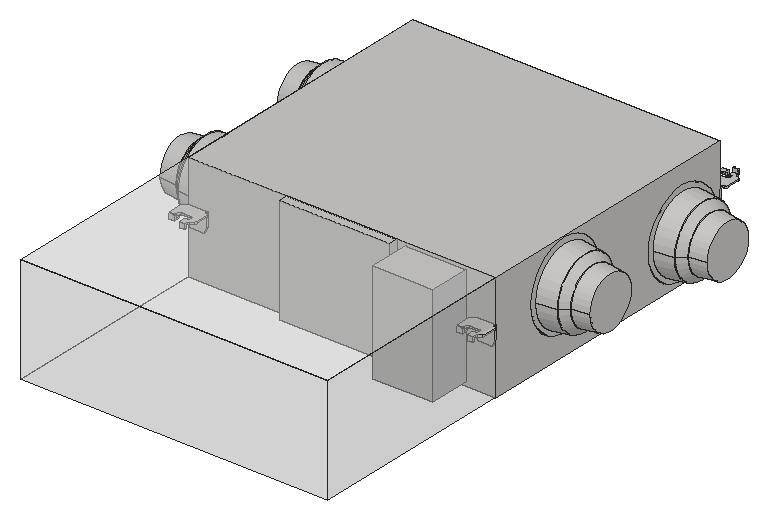
Revit family "outputfile", category 機械設備, Revit 2024
Family settings
  丸型コネクタ寸法 = 半径を使用
  パーツ タイプ = 標準
  OmniClass 番号 = 23.75.10.34.21
  OmniClass タイトル = Heat Exchangers for Ventilation Air
  作業面ベース = いいえ
  常に垂直 = はい
  ロード時にボイドで切り取り = いいえ
  注釈の向きを維持 = いいえ
  共有 = いいえ
  部屋計算ポイント = はい
Parameters (values of type "VAM350HVE")
  Description = ""
  製造元 = "Daikin"
  書き出し IFC クラス(タイプ) = "IfcAirToAirHeatRecoveryType"
  定義済み IFC タイプ(タイプ) = "ROTARYWHEEL"
  Cost = 0
  モデル = "VAM350HVE"
  Type Comments = ""
  Keynote = ""
  Type Image = (empty or 0)
  Assembly Code = ""
  w_maintenacecover = 314.0 mm
  r3_airconnection_top = 73.0 mm
  r2_airconnection_top = 79.2 mm
  r1_airconnection_top = 100.0 mm
  r1_airconnection_bottom = 107.1 mm
  r0_airconnection = 121.0 mm
  lw_powersuply = 172.0 mm
  Voltage_comment_60Hz = "220-240"
  Voltage_comment_50Hz = "220-240"
  Voltage_60Hz = 220 V
  Voltage_50Hz = 220 V
  URL = ""
  Phase_60Hz = 1
  Phase_50Hz = 1
  Minimum External Static Pressure = 90.00 Pa
  Minimum Circuit Amps_60Hz = 1.33 A
  Minimum Circuit Amps_50Hz = 1.33 A
  Maximum Fuse Amps_60Hz = 15.0 A
  Maximum Fuse Amps_50Hz = 15.0 A
  Maximum External Static Pressure = 185.00 Pa
  Material_Casing = DAIKIN_GalvanizedSteel_Casing_indoorunit
  lw_mountinghole_Left = 411.5 mm
  lw_mountinghole = 823.0 mm
  w_controlbox_right = 86.5 mm
  w_controlbox = 171.0 mm
  r_SAduct = SA Duct Size Diameter / 2  # 75.0 mm
  r_RAduct = RA Duct Size Diameter / 2  # 75.0 mm
  r_OAduct = OA Duct Size Diameter / 2  # 75.0 mm
  r_EAduct = EA Duct Size Diameter / 2  # 75.0 mm
  lh_powersuply = 153.3 mm
  lh_mounting = lh_mountinghole + [h***]  # 187.0 mm
  h_controlbox_top = 8.5 mm
  lh_antena = Height - lh_mountinghole + 1.0 mm  # 120.0 mm
  lh_SA = 183.0 mm
  lh_RA = 132.0 mm
  lh_OA = 183.0 mm
  lh_EA = 183.0 mm
  ld_SA = 244.0 mm
  ld_RA = 137.0 mm
  ld_OA = 137.0 mm
  ld_EA = 244.0 mm
  lh_mountinghole = 187.0 mm
  h_controlbox = 288.5 mm
  h*** = 0.0 mm  # constant formula
  d_total_airconnection = d1_airconnection + d2_airconnection + d3_airconnection  # 132.0 mm
  d_maintenacecover = 26.0 mm
  ld_mountinghole = 900.0 mm
  d_controlbox = 117.0 mm
  d3_airconnection = 50.5 mm
  d2_airconnection = 21.5 mm
  d1_airconnection = 60.0 mm
  d0_airconnection = 1.8 mm
  Width = 879.0 mm
  Version = "ver.1.0"
  Unit Type = "Heat Recovery Ventilator"
  Unit Mass Weight = 31.00 kg
  Unit Designation [instance] = ""
  Uniclass2015Version = "Products v1.30"
  Uniclass2015Title = "Thermal wheels"
  Uniclass2015Code = "Pr_60_60_36_88"
  Temperature exchange efficiency (Heating) = 79.50%
  Temperature exchange efficiency (Cooling) = 65.00%
  Supply Air Direction [instance] = yes
  Sound Pressure Level_M speed (dBA) = 30
  Sound Pressure Level_L speed (dBA) = 26.5
  Sound Pressure Level_H speed (dBA) = 32
  Series = "VRV Fan Coil Unit"
  SA Duct Size Diameter = 150.0 mm
  Refrigerant Type = ""
  RA Duct Size Diameter = 150.0 mm
  Option Accessory 3 [instance] = ""
  Option Accessory 2 [instance] = ""
  Option Accessory 1 [instance] = ""
  OA Duct Size Diameter = 150.0 mm
  Nominal Airflow = 350.00 m³/h
  Minimum Airflow = 100.00 m³/h
  Median Airflow = 0.00 m³/h
  Maximum Airflow = 600.00 m³/h
  Load Classification = HVAC
  Link_Nested Family [instance] = ""
  IfcVersion = "0"
  IfcExportType = "ROTARYWHEEL"
  IfcExportAs = "IfcAirToAirHeatRecoveryType"
  Height = 306.0 mm
  Heating Entering Wet Bulb Temperature [instance] = 0.00 °C
  Heating Entering Dry Bulb Temperature [instance] = 0.00 °C
  Heating Ambient Wet Bulb Temperature [instance] = 0.00 °C
  Heating Ambient Dry Bulb Temperature [instance] = 0.00 °C
  Frequency_60Hz = 60 Hz
  Frequency_50Hz = 50 Hz
  Fan Type = "Sirocco Fan"
  Fan Drive = "Direct Drive"
  FCU Tag No. [instance] = ""
  Enthalpy exchange efficiency (Heating) = 72.00%
  Enthalpy exchange efficiency (Cooling) = 62.50%
  EA Duct Size Diameter = 150.0 mm
  Design Supply Airflow [instance] = 0.00 m³/h
  Design Return Airflow [instance] = 0.00 m³/h
  Design Outdoor Airflow [instance] = 0.00 m³/h
  Design External Static Pressure [instance] = 0.00 Pa
  Design Exhaust Airflow [instance] = 0.00 m³/h
  Depth = 800.0 mm
  既定の高さ = 0.0 mm
  Cooling Entering Wet Bulb Temperature [instance] = 0.00 °C
  Cooling Entering Dry Bulb Temperature [instance] = 0.00 °C
  Cooling Ambient Wet Bulb Temperature [instance] = 0.00 °C
  Cooling Ambient Dry Bulb Temperature [instance] = 0.00 °C
  Clearance visibility [instance] = yes
  Clearance Top = 0.0 mm
  Clearance Right = 0.0 mm
  Clearance Rear = 0.0 mm
  Clearance Left = 0.0 mm
  Clearance Front = 600.0 mm
  Clearance Bottom = 0.0 mm
Reference planes
  plane 1 "Center (Front/Back)": y = 0
  plane 2: z = 0
  plane 3 "Center (Left/Right)": x = 0
  plane 4 "Back": y = 400
  plane 5 "Front": y = -400
  plane 6 "Left": x = -439.5
  plane 7 "Right": x = 439.5
  plane 8 "Top": z = 0
  plane 9 "mountinghole_Left": x = -411.5
  plane 10 "mountinghole_Right": x = 411.5
  plane 11 "mountinghole_Back": y = 450
  plane 12 "mountinghole_Front": y = -450
  plane 13 "Center (Elevation)": z = -153
  plane 14 "h_mountinghole": z = -119
  plane 15 "w_maintenacecover_left": x = -157
  plane 16 "w_maintenacecover_right": x = 157
  plane 17 "Clearance Front": y = -1000
  plane 18 "Clearance Left": x = -439.5
  plane 19 "Clearance Right": x = 439.5
  plane 20 "Clearance Rear": y = 400
  plane 21 "Clearance Top": z = 0
  plane 22 "Clearance Bottom": z = -306
  plane 23 "d_maintenacecover": y = -426
  plane 24 "d_controlbox": y = -517
  plane 25 "w_controlbox_left": x = 182
  plane 26 "w_controlbox_right": x = 353
  plane 27 "Bottom": z = -306
  plane 28 "h_controlbox_top": z = -8.5
  plane 29 "h_controlbox_bottom": z = -297
  plane 30 "lh_OA": z = -123
  plane 31 "lh_EA": z = -123
  plane 32 "lh_SA": z = -123
  plane 33 "lh_RA": z = -174
  plane 34 "ld_EA": y = 156
  plane 35 "ld_OA": y = -263
  plane 36 "ld_RA": y = 263
  plane 37 "ld_SA": y = -156
  plane 38 "lw_powersuply": x = 267.5
  plane 39: z = 59.955
  plane 40 "lh_powersuply": z = -152.7
Forms (mm)
  Extrusion 1, solid, material "DAIKIN_GalvanizedSteel_Casing_indoorunit" <- "Material_Casing"
    sketch origin (0, 0, 200) x (1, 0, 0) y (0, 1, 0)
      loop
        line (-439.5, 400) -> (-439.5, -400) -> (439.5, -400) -> (439.5, 400) -> (-439.5, 400)
    from -506 to -200
  Extrusion 2, solid, material "DAIKIN_GalvanizedSteel_Casing_indoorunit" <- "Material_Casing"
    sketch origin (0, 0, 0) x (1, 0, 0) y (0, 1, 0)
      loop
        line (-157, -400) -> (-157, -426) -> (157, -426) -> (157, -400) -> (-157, -400)
    from -306 to 0
  Extrusion 3, solid, material "DAIKIN_GalvanizedSteel_Casing_indoorunit" <- "Material_Casing"
    sketch origin (0, 0, 0) x (1, 0, 0) y (0, 1, 0)
      loop
        line (182, -400) -> (182, -517) -> (353, -517) -> (353, -400) -> (182, -400)
    from -297 to -8.5
Dimensions and locks
  equal spacing: plane 6 "Left", plane 3 "Center (Left/Right)", plane 7 "Right"
  "Width": plane 6 "Left" to plane 7 "Right"
  equal spacing: plane 4 "Back", plane 1 "Center (Front/Back)", plane 5 "Front"
  "Depth": plane 4 "Back" to plane 5 "Front"
  "lw_mountinghole": plane 9 "mountinghole_Left" to plane 10 "mountinghole_Right"
  equal spacing: plane 11 "mountinghole_Back", plane 1 "Center (Front/Back)", plane 12 "mountinghole_Front"
  "ld_mountinghole": plane 11 "mountinghole_Back" to plane 12 "mountinghole_Front"
  "Clearance Front": plane 5 "Front" to plane 17 "Clearance Front"
  "Clearance Left": plane 18 "Clearance Left" to plane 6 "Left"
  "Clearance Right": plane 7 "Right" to plane 19 "Clearance Right"
  "Clearance Rear": plane 4 "Back" to plane 20 "Clearance Rear"
  "w_controlbox_right": plane 26 "w_controlbox_right" to plane 7 "Right"
  "w_controlbox": plane 25 "w_controlbox_left" to plane 26 "w_controlbox_right"
  equal spacing: plane 15 "w_maintenacecover_left", plane 3 "Center (Left/Right)", plane 16 "w_maintenacecover_right"
  "w_maintenacecover": plane 15 "w_maintenacecover_left" to plane 16 "w_maintenacecover_right"
  "lh_mountinghole": plane 14 "h_mountinghole" to plane 27 "Bottom"
  "Height": plane 8 "Top" to plane 27 "Bottom"
  equal spacing: plane 8 "Top", plane 13 "Center (Elevation)", plane 27 "Bottom"
  "Clearance Top": plane 21 "Clearance Top" to plane 8 "Top"
  "Clearance Bottom": plane 27 "Bottom" to plane 22 "Clearance Bottom"
  "h_controlbox": plane 28 "h_controlbox_top" to plane 29 "h_controlbox_bottom"
  "d_controlbox": plane 5 "Front" to plane 24 "d_controlbox"
  "d_maintenacecover": plane 5 "Front" to plane 23 "d_maintenacecover"
  "lh_SA": plane 32 "lh_SA" to plane 27 "Bottom"
  "lh_RA": plane 33 "lh_RA" to plane 27 "Bottom"
  "ld_OA": plane 35 "ld_OA" to plane 5 "Front"
  "ld_EA": plane 4 "Back" to plane 34 "ld_EA"
  "ld_RA": plane 4 "Back" to plane 36 "ld_RA"
  "ld_SA": plane 37 "ld_SA" to plane 5 "Front"
  "lh_EA": plane 31 "lh_EA" to plane 27 "Bottom"
  "lh_OA": plane 30 "lh_OA" to plane 27 "Bottom"
  "h_controlbox_top": plane 8 "Top" to plane 28 "h_controlbox_top"
  "lw_mountinghole_Left": plane 9 "mountinghole_Left" to plane 3 "Center (Left/Right)"
  plane 3 "Center (Left/Right)" to plane 10 "mountinghole_Right" = 411.5 mm
  "lw_powersuply": plane 38 "lw_powersuply" to plane 7 "Right"
  "lh_powersuply": plane 40 "lh_powersuply" to plane 27 "Bottom"
  aligned and locked: level to plane 2
  aligned and locked: Extrusion 1 sketch curve to plane 4 "Back"
  aligned and locked: plane 6 "Left" to Extrusion 1 sketch curve
  aligned and locked: plane 5 "Front" to Extrusion 1 sketch curve
  aligned and locked: Extrusion 1 sketch curve to plane 7 "Right"
  aligned and locked: plane 8 "Top" to Extrusion 1
  aligned and locked: nested 1 to plane 10 "mountinghole_Right"
  aligned and locked: nested 1 to plane 5 "Front"
  aligned and locked: plane 9 "mountinghole_Left" to nested 2
  aligned and locked: nested 2 to plane 5 "Front"
  aligned and locked: plane 4 "Back" to nested 3
  aligned and locked: plane 10 "mountinghole_Right" to nested 3
  aligned and locked: nested 4 to plane 9 "mountinghole_Left"
  aligned and locked: plane 4 "Back" to nested 4
  aligned and locked: nested 6 to plane 10 "mountinghole_Right"
  aligned and locked: nested 6 to plane 11 "mountinghole_Back"
  aligned and locked: plane 9 "mountinghole_Left" to nested 7
  aligned and locked: nested 7 to plane 11 "mountinghole_Back"
  aligned and locked: nested 8 to plane 9 "mountinghole_Left"
  aligned and locked: plane 12 "mountinghole_Front" to nested 8
  aligned and locked: plane 12 "mountinghole_Front" to nested 9
  aligned and locked: nested 9 to plane 10 "mountinghole_Right"
  aligned and locked: plane 14 "h_mountinghole" to nested 3
  aligned and locked: plane 14 "h_mountinghole" to nested 1
  aligned and locked: plane 14 "h_mountinghole" to nested 4
  aligned and locked: plane 14 "h_mountinghole" to nested 2
  aligned and locked: nested 5 to plane 17 "Clearance Front"
  aligned and locked: nested 5 to plane 18 "Clearance Left"
  aligned and locked: nested 5 to plane 19 "Clearance Right"
  aligned and locked: nested 5 to plane 20 "Clearance Rear"
  aligned and locked: plane 22 "Clearance Bottom" to nested 5
  aligned and locked: plane 21 "Clearance Top" to nested 5
  aligned and locked: plane 27 "Bottom" to Extrusion 1
  aligned and locked: plane 23 "d_maintenacecover" to Extrusion 2 sketch curve
  aligned and locked: plane 16 "w_maintenacecover_right" to Extrusion 2 sketch curve
  aligned and locked: plane 15 "w_maintenacecover_left" to Extrusion 2 sketch curve
  aligned and locked: Extrusion 2 sketch curve to plane 5 "Front"
  aligned and locked: plane 8 "Top" to Extrusion 2
  aligned and locked: Extrusion 2 to plane 27 "Bottom"
  aligned and locked: plane 24 "d_controlbox" to Extrusion 3 sketch curve
  aligned and locked: plane 25 "w_controlbox_left" to Extrusion 3 sketch curve
  aligned and locked: Extrusion 3 sketch curve to plane 5 "Front"
  aligned and locked: Extrusion 3 sketch curve to plane 26 "w_controlbox_right"
  aligned and locked: plane 28 "h_controlbox_top" to Extrusion 3
  aligned and locked: plane 29 "h_controlbox_bottom" to Extrusion 3
  aligned and locked: nested 10 to plane 34 "ld_EA"
  aligned and locked: nested 10 to plane 6 "Left"
  aligned and locked: nested 11 to plane 35 "ld_OA"
  aligned and locked: nested 11 to plane 6 "Left"
  aligned and locked: plane 36 "ld_RA" to nested 12
  aligned and locked: plane 7 "Right" to nested 12
  aligned and locked: plane 37 "ld_SA" to nested 13
  aligned and locked: plane 7 "Right" to nested 13
  aligned and locked: plane 32 "lh_SA" to nested 13
  aligned and locked: plane 33 "lh_RA" to nested 12
  aligned and locked: plane 30 "lh_OA" to nested 11
  aligned and locked: plane 31 "lh_EA" to nested 10
  aligned and locked: plane 37 "ld_SA" to nested 15
  aligned and locked: plane 7 "Right" to nested 15
  aligned and locked: plane 36 "ld_RA" to nested 16
  aligned and locked: plane 7 "Right" to nested 16
  aligned and locked: nested 18 to plane 34 "ld_EA"
  aligned and locked: nested 17 to plane 35 "ld_OA"
  aligned and locked: nested 18 to plane 6 "Left"
  aligned and locked: nested 17 to plane 6 "Left"
  aligned and locked: plane 31 "lh_EA" to nested 17
  aligned and locked: nested 18 to plane 31 "lh_EA"
  aligned and locked: nested 16 to plane 33 "lh_RA"
  aligned and locked: nested 15 to plane 32 "lh_SA"
  aligned and locked: plane 37 "ld_SA" to nested 14
  aligned and locked: nested 19 to plane 38 "lw_powersuply"
  aligned and locked: nested 19 to plane 5 "Front"
  aligned and locked: plane 40 "lh_powersuply" to nested 19
  aligned and locked: level to plane 8 "Top"
Nested families
  nested 1: "daikin_hangerfixture_VAM-HVE_150-1000" at (411.5, -400, -119), type "daikin_hangerfixture_VAM-HVE_150-1000"
  nested 2: "daikin_hangerfixture_VAM-HVE_150-1000" at (-411.5, -400, -119), type "daikin_hangerfixture_VAM-HVE_150-1000"
  nested 3: "daikin_hangerfixture_VAM-HVE_150-1000" at (411.5, 400, -119) x (-1, 0, 0) z (0, 0, 1), type "daikin_hangerfixture_VAM-HVE_150-1000"
  nested 4: "daikin_hangerfixture_VAM-HVE_150-1000" at (-411.5, 400, -119) x (-1, 0, 0) z (0, 0, 1), type "daikin_hangerfixture_VAM-HVE_150-1000"
  nested 5: "daikin_clearancespace" at (0, -300, -152.881), visible <- "Clearance visibility", show <- "Clearance visibility", Link_Nested Family <- "Link_Nested Family", type "daikin_clearancespace"
    with width 879.0 mm, show yes, height 306.0 mm, depth 1400.0 mm, Link_Nested Family ""
  nested 6: "daikin_mountinghole" at (411.5, 450, -306), l_antenna <- "lh_antena", Link_Nested Family <- "Link_Nested Family", h_mountinghole <- "lh_mounting", type "daikin_mountinghole"
    with show yes, l_antenna 120.0 mm, h_mountinghole 187.0 mm, Link_Nested Family ""
  nested 7: "daikin_mountinghole" at (-411.5, 450, -306), l_antenna <- "lh_antena", Link_Nested Family <- "Link_Nested Family", h_mountinghole <- "lh_mounting", type "daikin_mountinghole"
    with show yes, l_antenna 120.0 mm, h_mountinghole 187.0 mm, Link_Nested Family ""
  nested 8: "daikin_mountinghole" at (-411.5, -450, -306), l_antenna <- "lh_antena", Link_Nested Family <- "Link_Nested Family", h_mountinghole <- "lh_mounting", type "daikin_mountinghole"
    with show yes, l_antenna 120.0 mm, h_mountinghole 187.0 mm, Link_Nested Family ""
  nested 9: "daikin_mountinghole" at (411.5, -450, -306), l_antenna <- "lh_antena", Link_Nested Family <- "Link_Nested Family", h_mountinghole <- "lh_mounting", type "daikin_mountinghole"
    with show yes, l_antenna 120.0 mm, h_mountinghole 187.0 mm, Link_Nested Family ""
  nested 10: "daikin_airconnection_VAM-HVE_150-1000" at (-439.5, 156, -123) x (0, -1, 0) z (0, 0, 1), d0 <- "d0_airconnection", d1 <- "d1_airconnection", d2 <- "d2_airconnection", d3 <- "d3_airconnection", r0 <- "r0_airconnection", r1_bottom <- "r1_airconnection_bottom", r1_top <- "r1_airconnection_top", r2_top <- "r2_airconnection_top", r3_top <- "r3_airconnection_top", type "daikin_airconnection_VAM-HVE_150-1000"
    with r3_top 73.0 mm, r3_bottom 79.2 mm, r2_top 79.2 mm, r2_bottom 100.0 mm, r1_top 100.0 mm, r1_bottom 107.1 mm, r0 121.0 mm, d_total 132.0 mm, d3 50.5 mm, d2 21.5 mm, d1 60.0 mm, d0 1.8 mm
  nested 11: "daikin_airconnection_VAM-HVE_150-1000" at (-439.5, -263, -123) x (0, -1, 0) z (0, 0, 1), d0 <- "d0_airconnection", d1 <- "d1_airconnection", d2 <- "d2_airconnection", d3 <- "d3_airconnection", r0 <- "r0_airconnection", r1_bottom <- "r1_airconnection_bottom", r1_top <- "r1_airconnection_top", r2_top <- "r2_airconnection_top", r3_top <- "r3_airconnection_top", type "daikin_airconnection_VAM-HVE_150-1000"
    with r3_top 73.0 mm, r3_bottom 79.2 mm, r2_top 79.2 mm, r2_bottom 100.0 mm, r1_top 100.0 mm, r1_bottom 107.1 mm, r0 121.0 mm, d_total 132.0 mm, d3 50.5 mm, d2 21.5 mm, d1 60.0 mm, d0 1.8 mm
  nested 12: "daikin_airconnection_VAM-HVE_150-1000" at (439.5, 263, -174) x (0, 1, 0) z (0, 0, 1), d0 <- "d0_airconnection", d1 <- "d1_airconnection", d2 <- "d2_airconnection", d3 <- "d3_airconnection", r0 <- "r0_airconnection", r1_bottom <- "r1_airconnection_bottom", r1_top <- "r1_airconnection_top", r2_top <- "r2_airconnection_top", r3_top <- "r3_airconnection_top", type "daikin_airconnection_VAM-HVE_150-1000"
    with r3_top 73.0 mm, r3_bottom 79.2 mm, r2_top 79.2 mm, r2_bottom 100.0 mm, r1_top 100.0 mm, r1_bottom 107.1 mm, r0 121.0 mm, d_total 132.0 mm, d3 50.5 mm, d2 21.5 mm, d1 60.0 mm, d0 1.8 mm
  nested 13: "daikin_airconnection_VAM-HVE_150-1000" at (439.5, -156, -123) x (0, 1, 0) z (0, 0, 1), d0 <- "d0_airconnection", d1 <- "d1_airconnection", d2 <- "d2_airconnection", d3 <- "d3_airconnection", r0 <- "r0_airconnection", r1_bottom <- "r1_airconnection_bottom", r1_top <- "r1_airconnection_top", r2_top <- "r2_airconnection_top", r3_top <- "r3_airconnection_top", type "daikin_airconnection_VAM-HVE_150-1000"
    with r3_top 73.0 mm, r3_bottom 79.2 mm, r2_top 79.2 mm, r2_bottom 100.0 mm, r1_top 100.0 mm, r1_bottom 107.1 mm, r0 121.0 mm, d_total 132.0 mm, d3 50.5 mm, d2 21.5 mm, d1 60.0 mm, d0 1.8 mm
  nested 14: "daikin_△_symbolicline" at (0, -156, 306) x (0, 1, 0) z (0, 0, 1), built-in parameter 1001360 <- "Height", visible <- "Supply Air Direction", type "daikin_△_symbolicline"
    with length 300.0 mm
  nested 15: "daikin_connector_rotate2" at (439.5, -156, -123) x (0, 1, 0) z (0, 0, 1), length <- "d_total_airconnection", radius <- "r_SAduct", type "daikin_connector_rotate2"
    with radius 75.0 mm, length 132.0 mm, angle_vertical 90.00°, show_face no
  nested 16: "daikin_connector_rotate2" at (439.5, 263, -174) x (0, 1, 0) z (0, 0, 1), length <- "d_total_airconnection", radius <- "r_RAduct", type "daikin_connector_rotate2"
    with radius 75.0 mm, length 132.0 mm, angle_vertical 90.00°, show_face no
  nested 17: "daikin_connector_rotate2" at (-439.5, -263, -123) x (0, -1, 0) z (0, 0, 1), length <- "d_total_airconnection", radius <- "r_OAduct", type "daikin_connector_rotate2"
    with radius 75.0 mm, length 132.0 mm, angle_vertical 90.00°, show_face no
  nested 18: "daikin_connector_rotate2" at (-439.5, 156, -123) x (0, -1, 0) z (0, 0, 1), length <- "d_total_airconnection", radius <- "r_EAduct", type "daikin_connector_rotate2"
    with radius 75.0 mm, length 132.0 mm, angle_vertical 90.00°, show_face no
  nested 19: "daikin_connector_rotate2" at (267.5, -400, -152.7), length <- "d_controlbox", type "daikin_connector_rotate2"
    with radius 10.0 mm, length 117.0 mm, angle_vertical 90.00°, show_face no
Connectors
  hvac at (-571.5, 156, -123), driven by "r_EAduct"
    settings: on nested 18, index 1, duct flow 0.00 m³/h, flow factor 0, pres drop 0.00 Pa, loss coef 0, conn angle 0.00°, conn width 304.8 mm, conn height 304.8 mm, conn diameter 150.0 mm, duct sys type 3, conn prof type 0, flow config 0, flow direction 2, loss method 4, conn ref index -1, conn util no, is conn primary no, conn desc "EA Duct"
  hvac at (-571.5, -263, -123), driven by "r_OAduct"
    settings: on nested 17, index 2, duct flow 0.00 m³/h, flow factor 0, pres drop 0.00 Pa, loss coef 0, conn angle 0.00°, conn width 304.8 mm, conn height 304.8 mm, conn diameter 150.0 mm, duct sys type 1, conn prof type 0, flow config 0, flow direction 1, loss method 4, conn ref index -1, conn util no, is conn primary no, conn desc "OA Duct"
  hvac at (571.5, 263, -174), driven by "r_RAduct"
    settings: on nested 16, index 3, duct flow 0.00 m³/h, flow factor 0, pres drop 0.00 Pa, loss coef 0, conn angle 0.00°, conn width 304.8 mm, conn height 304.8 mm, conn diameter 150.0 mm, duct sys type 2, conn prof type 0, flow config 0, flow direction 1, loss method 4, conn ref index -1, conn util no, is conn primary no, conn desc "RA Duct"
  hvac at (571.5, -156, -123), driven by "r_SAduct"
    settings: on nested 15, index 4, duct flow 0.00 m³/h, flow factor 0, pres drop 0.00 Pa, loss coef 0, conn angle 0.00°, conn width 304.8 mm, conn height 304.8 mm, conn diameter 150.0 mm, duct sys type 1, conn prof type 0, flow config 0, flow direction 2, loss method 4, conn ref index -1, conn util no, is conn primary yes, conn desc "SA Duct"
  electrical at (267.5, -517, -152.7), driven by "Load Classification"
    settings: on nested 19, index 6, voltage 0 V, apparent load 0 VA, apparent load phase1 0 VA, apparent load phase2 0 VA, apparent load phase3 0 VA, power factor 1, load classification "HVAC", number of poles 1, system type 30, power factor state 1, is connector primary yes, connector utility no, sub classification motor no, connector description "Power Supply"
Definition of nested family "daikin_hangerfixture_VAM-HVE_150-1000"
  Parameters (values of type "daikin_hangerfixture_VAM")
    width = 76.0 mm
    material = none
    height = 0.0 mm
    depth = 75.0 mm
    Default Elevation = 0.0 mm
  Reference planes
    plane 1 "Center (Front/Back)": y = 0
    plane 2: z = 0
    plane 3 "Center (Left/Right)": x = 0
    plane 4: y = -75
    plane 5: x = -38
    plane 6: x = 38
    plane 7: z = -3.2
    plane 8: z = -57
    plane 9: x = -28
    plane 10: x = 28
    plane 11: y = -3.2
    plane 12: z = 11.8
    plane 13: z = -15
    plane 14: y = -71.8
    plane 15: y = -50
  Forms (mm)
    Extrusion 1, solid, material <- "material"
      sketch origin (0, 0, 0) x (1, 0, 0) y (0, 1, 0)
        loop
          line (-28, 0) -> (-28, -5)
          arc (-28, -5) -> (-29.464, -8.536) -> (-33, -10) r 5
          arc (-33, -10) -> (-36.536, -11.464) -> (-38, -15) r 5
          line (-38, -15) -> (-38, -52.597)
          arc (-38, -52.597) -> (-37.507, -54.763) -> (-36.123, -56.501) r 5
          line (-36.123, -56.501) -> (-24.877, -65.499)
          arc (-24.877, -65.499) -> (-23.493, -67.237) -> (-23, -69.403) r 5
          line (-23, -69.403) -> (-23, -75) -> (-7, -75) -> (-7, -60)
          arc (-7, -60) -> (-7.879, -57.879) -> (-10, -57) r 3
          line (-10, -57) -> (-13, -57)
          arc (-13, -57) -> (-20, -50) -> (-13, -43) r 7
          line (-13, -43) -> (13, -43)
          arc (13, -43) -> (20, -50) -> (13, -57) r 7
          line (13, -57) -> (10, -57)
          arc (10, -57) -> (7.879, -57.879) -> (7, -60) r 3
          line (7, -60) -> (7, -75) -> (23, -75) -> (23, -69.403)
          arc (23, -69.403) -> (23.493, -67.237) -> (24.877, -65.499) r 5
          line (24.877, -65.499) -> (36.123, -56.501)
          arc (36.123, -56.501) -> (37.507, -54.763) -> (38, -52.597) r 5
          line (38, -52.597) -> (38, -15)
          arc (38, -15) -> (36.536, -11.464) -> (33, -10) r 5
          arc (33, -10) -> (29.464, -8.536) -> (28, -5) r 5
          line (28, -5) -> (28, 0) -> (-28, 0)
      from 0 to -3.2
    Extrusion 2, solid, material <- "material"
      sketch origin (0, 0, 0) x (1, 0, 0) y (0, 0, 1)
        loop
          line (28, 0) -> (-28, 0) -> (-28, -38.882)
          arc (-28, -38.882) -> (-27.88, -39.973) -> (-27.524, -41.011) r 5
          line (-27.524, -41.011) -> (-21.351, -54.129)
          arc (-21.351, -54.129) -> (-19.506, -56.222) -> (-16.827, -57) r 5
          line (-16.827, -57) -> (16.827, -57)
          arc (16.827, -57) -> (19.506, -56.222) -> (21.351, -54.129) r 5
          line (21.351, -54.129) -> (27.524, -41.011)
          arc (27.524, -41.011) -> (27.88, -39.973) -> (28, -38.882) r 5
          line (28, -38.882) -> (28, 0)
      from 0 to 3.2
    Extrusion 3, solid, material <- "material"
      sketch origin (0, 0, 0) x (1, 0, 0) y (0, 0, 1)
        loop
          line (-23, -3.2) -> (-7, -3.2) -> (-7, 8.8)
          arc (-7, 8.8) -> (-7.879, 10.921) -> (-10, 11.8) r 3
          line (-10, 11.8) -> (-20, 11.8)
          arc (-20, 11.8) -> (-22.121, 10.921) -> (-23, 8.8) r 3
          line (-23, 8.8) -> (-23, -3.2)
        loop
          line (7, 0) -> (7, -12)
          arc (7, -12) -> (7.879, -14.121) -> (10, -15) r 3
          line (10, -15) -> (20, -15)
          arc (20, -15) -> (22.121, -14.121) -> (23, -12) r 3
          line (23, -12) -> (23, 0) -> (7, 0)
      from 71.8 to 75
  Cuts and joins
    joined: Extrusion 1, Extrusion 2, Extrusion 3
  Dimensions and locks
    "depth": plane 4 to plane 1 "Center (Front/Back)"
    equal spacing: plane 5, plane 3 "Center (Left/Right)", plane 6
    "width": plane 5 to plane 6
    plane 2 to plane 7 = 3.2 mm
    locked: plane 2 to plane 8 at 57
    locked: plane 9 to plane 10 at 56
    equal spacing: plane 9, plane 3 "Center (Left/Right)", plane 10
    locked: plane 11 to plane 1 "Center (Front/Back)" at 3.2
    locked: plane 12 to plane 7 at 15
    locked: plane 2 to plane 13 at 15
    plane 14 to plane 4 = 3.2 mm
    aligned and locked: level to plane 2
    aligned and locked: plane 1 "Center (Front/Back)" to Extrusion 1 sketch curve
    aligned and locked: plane 4 to Extrusion 1 sketch curve  (x2)
    aligned and locked: Extrusion 1 to plane 5
    aligned and locked: plane 6 to Extrusion 1
    aligned and locked: Extrusion 1 to plane 7
    aligned and locked: Extrusion 2 sketch curve to plane 2
    aligned and locked: Extrusion 2 to plane 8
    aligned and locked: plane 9 to Extrusion 2
    aligned and locked: Extrusion 2 to plane 10
    aligned and locked: Extrusion 2 to plane 1 "Center (Front/Back)"
    aligned and locked: Extrusion 2 to plane 11
    aligned and locked: Extrusion 3 sketch curve to plane 7
    aligned and locked: Extrusion 3 sketch curve to plane 2
    aligned and locked: Extrusion 3 to plane 12
    aligned and locked: Extrusion 3 to plane 13
    aligned and locked: Extrusion 3 to plane 4
    aligned and locked: plane 14 to Extrusion 3
  Automatic sketch dimensions
    plane 3 "Center (Left/Right)" to Extrusion 1 sketch curve = 28.0 mm
    plane 1 "Center (Front/Back)" to Extrusion 1 sketch curve = 5.0 mm
    Extrusion 1 sketch curve to Extrusion 1 sketch curve = 5.0 mm  (x8)
    plane 4 to Extrusion 1 sketch curve = 22.403 mm
    Extrusion 1 sketch curve to Extrusion 1 sketch curve = 1.877 mm  (x2)
    plane 4 to Extrusion 1 sketch curve = 9.501 mm
    Extrusion 1 sketch curve to Extrusion 1 sketch curve = 11.247 mm  (x2)
    Extrusion 1 sketch curve to Extrusion 1 sketch curve = 3.123 mm  (x2)
    Extrusion 1 sketch curve to Extrusion 1 sketch curve = 3.904 mm  (x2)
    plane 3 "Center (Left/Right)" to Extrusion 1 sketch curve = 7.0 mm
    plane 4 to Extrusion 1 sketch curve = 15.0 mm
    Extrusion 1 sketch curve to Extrusion 1 sketch curve = 3.0 mm  (x4)
    Extrusion 1 sketch curve to Extrusion 1 sketch curve = 7.0 mm  (x2)
    Extrusion 1 sketch curve to plane 3 "Center (Left/Right)" = 13.0 mm
    Extrusion 1 sketch curve to Extrusion 1 sketch curve = 16.0 mm
    plane 4 to Extrusion 1 sketch curve = 5.597 mm
    Extrusion 1 sketch curve to Extrusion 1 sketch curve = 8.998 mm
    plane 1 "Center (Front/Back)" to Extrusion 1 sketch curve = 15.0 mm
    plane 5 to Extrusion 2 sketch curve = 10.0 mm
    Extrusion 2 sketch curve to Extrusion 2 sketch curve = 0.476 mm  (x2)
    Extrusion 2 sketch curve to Extrusion 2 sketch curve = 4.524 mm  (x4)
    Extrusion 2 sketch curve to Extrusion 2 sketch curve = 6.173 mm  (x2)
    plane 3 "Center (Left/Right)" to Extrusion 2 sketch curve = 16.827 mm
    Extrusion 2 sketch curve to plane 7 = 35.682 mm  (x2)
    Extrusion 2 sketch curve to Extrusion 2 sketch curve = 13.118 mm  (x2)
    Extrusion 2 sketch curve to Extrusion 2 sketch curve = 2.129 mm
    Extrusion 3 sketch curve to plane 9 = 5.0 mm
    Extrusion 3 sketch curve to Extrusion 3 sketch curve = 3.0 mm  (x4)
    Extrusion 3 sketch curve to Extrusion 3 sketch curve = 10.0 mm
    plane 3 "Center (Left/Right)" to Extrusion 3 sketch curve = 7.0 mm
    plane 10 to Extrusion 3 sketch curve = 8.0 mm
    Extrusion 3 sketch curve to plane 7 = 8.8 mm
    level to Extrusion 3 sketch curve = 8.8 mm
Definition of nested family "daikin_clearancespace"
  Parameters (values of type "daikin_clearancespace")
    width [instance] = 1823.963 mm
    show [instance] = yes
    material = none
    height [instance] = 1359.762 mm
    depth [instance] = 880.0 mm
    Default Elevation = 0.0 mm
    Link_Nested Family [instance] = ""
  Reference planes
    plane 1 "Center (Front/Back)": y = 0
    plane 2 "Center (Elevation)": z = -0.119
    plane 3 "Center (Left/Right)": x = 0
    plane 4: y = 440
    plane 5: y = -440
    plane 6 "Right": x = 911.982
    plane 7 "Left": x = -911.982
    plane 8 "Top": z = 679.762
    plane 9 "Bottom": z = -680
  Forms (mm)
    Extrusion 1, solid, material <- "material", visible <- "show"
      sketch origin (0, 0, 0) x (1, 0, 0) y (0, 1, 0)
        loop
          line (-911.982, 440) -> (-911.982, -440) -> (911.982, -440) -> (911.982, 440) -> (-911.982, 440)
      from -680 to 679.762
  Lines and regions (mm)
    symbolic lines, visible <- "show"
      curve 1: line (911.982, 440, 0) -> (-911.982, 440, 0)
      curve 2: line (-911.982, 440, 0) -> (-911.982, -440, 0)
      curve 3: line (-911.982, -440, 0) -> (911.982, -440, 0)
      curve 4: line (911.982, -440, 0) -> (911.982, 440, 0)
      curve 5: line (911.982, 0, 679.762) -> (-911.982, 0, 679.762)
      curve 6: line (911.982, 0, -680) -> (911.982, 0, 679.762)
      curve 7: line (-911.982, 0, -680) -> (911.982, 0, -680)
      curve 8: line (-911.982, 0, 679.762) -> (-911.982, 0, -680)
      curve 9: line (0, 440, 679.762) -> (0, -440, 679.762)
      curve 10: line (0, -440, 679.762) -> (0, -440, -680)
      curve 11: line (0, 440, -680) -> (0, 440, 679.762)
      curve 12: line (0, -440, -680) -> (0, 440, -680)
  Dimensions and locks
    "width": plane 7 "Left" to plane 6 "Right"
    "depth": plane 4 to plane 5
    "height": plane 8 "Top" to plane 9 "Bottom"
    equal spacing: plane 7 "Left", plane 3 "Center (Left/Right)", plane 6 "Right"
    equal spacing: plane 4, plane 1 "Center (Front/Back)", plane 5
    equal spacing: plane 8 "Top", plane 2 "Center (Elevation)", plane 9 "Bottom"
    aligned and locked: level to plane 2 "Center (Elevation)"
    aligned and locked: Extrusion 1 sketch curve to plane 4
    aligned and locked: plane 7 "Left" to Extrusion 1 sketch curve
    aligned and locked: Extrusion 1 sketch curve to plane 5
    aligned and locked: Extrusion 1 sketch curve to plane 6 "Right"
    aligned and locked: plane 8 "Top" to Extrusion 1
    aligned and locked: curve 1 to Extrusion 1
    aligned and locked: curve 2 to Extrusion 1
    aligned and locked: curve 3 to Extrusion 1
    aligned and locked: curve 4 to Extrusion 1
    aligned and locked: curve 5 to Extrusion 1
    aligned and locked: curve 6 to Extrusion 1
    aligned and locked: curve 7 to Extrusion 1
    aligned and locked: curve 8 to Extrusion 1
    aligned and locked: curve 9 to Extrusion 1
    aligned and locked: curve 10 to Extrusion 1
    aligned and locked: curve 11 to Extrusion 1
    aligned and locked: curve 12 to Extrusion 1
    aligned and locked: Extrusion 1 to plane 9 "Bottom"
Definition of nested family "daikin_airconnection_VAM-HVE_150-1000"
  Parameters (values of type "daikin_airconnection_VAM")
    width = 0.0 mm
    r3_top [instance] = 48.5 mm
    r3_bottom [instance] = r2_top  # 53.1 mm
    r2_top [instance] = 53.1 mm
    r2_bottom [instance] = r1_top  # 100.0 mm
    r1_top [instance] = 100.0 mm
    r1_bottom [instance] = 107.1 mm
    r0 [instance] = 121.0 mm
    material = none
    height = 0.0 mm
    depth = 0.0 mm
    d_total [instance] = d3 + d2 + d1  # 145.0 mm
    d3 [instance] = 38.5 mm
    d2 [instance] = 46.5 mm
    d1 [instance] = 60.0 mm
    d0 [instance] = 1.8 mm
    Default Elevation = 0.0 mm
  Reference planes
    plane 1 "Center (Front/Back)": y = 0
    plane 2 "Center (Elevation)": z = 0
    plane 3 "Center (Left/Right)": x = 0
    plane 4 "d1": y = -60
    plane 5 "d2": y = -106.5
    plane 6 "d3": y = -145
    plane 7 "d0": y = -1.8
  Forms (mm)
    Blend 1, solid, material <- "material"
      base sketch origin (0, 0, 0) x (1, 0, 0) y (0, 0, 1)
        loop
          circle (0, 0) r 107.1
      top sketch origin (0, 0, 0) x (1, 0, 0) y (0, 0, 1)
        loop
          circle (0, 0) r 100
      from 1.8 to 60
    Blend 2, solid, material <- "material"
      base sketch origin (0, 0, 0) x (1, 0, 0) y (0, 0, 1)
        loop
          circle (0, 0) r 100
      top sketch origin (0, 0, 0) x (1, 0, 0) y (0, 0, 1)
        loop
          circle (0, 0) r 53.1
      from 60 to 106.5
    Blend 3, solid, material <- "material"
      base sketch origin (0, 0, 0) x (1, 0, 0) y (0, 0, 1)
        loop
          circle (0, 0) r 53.1
      top sketch origin (0, 0, 0) x (1, 0, 0) y (0, 0, 1)
        loop
          circle (0, 0) r 48.5
      from 106.5 to 145
    Extrusion 4, solid, material <- "material"
      sketch origin (0, 0, 0) x (1, 0, 0) y (0, 0, 1)
        loop
          circle (0, 0) r 121
      from 0 to 1.8
  Dimensions and locks
    "d1": plane 4 "d1" to plane 1 "Center (Front/Back)"
    "d2": plane 4 "d1" to plane 5 "d2"
    "d3": plane 5 "d2" to plane 6 "d3"
    "d0": plane 7 "d0" to plane 1 "Center (Front/Back)"
    "r1_bottom": radius of Blend 1 sketch curve
    "r1_top": radius of Blend 1 sketch curve
    "r2_bottom": radius of Blend 2 sketch curve
    "r2_top": radius of Blend 2 sketch curve
    "r3_bottom": radius of Blend 3 sketch curve
    "r3_top": radius of Blend 3 sketch curve
    "r0": radius of Extrusion 4 sketch curve
    aligned and locked: level to plane 2 "Center (Elevation)"
    aligned and locked: plane 2 "Center (Elevation)" to Blend 1 sketch curve  (x2)
    aligned and locked: plane 3 "Center (Left/Right)" to Blend 1 sketch curve  (x2)
    aligned and locked: Blend 1 to plane 4 "d1"
    aligned and locked: plane 2 "Center (Elevation)" to Blend 2 sketch curve  (x2)
    aligned and locked: plane 3 "Center (Left/Right)" to Blend 2 sketch curve  (x2)
    aligned and locked: plane 4 "d1" to Blend 2
    aligned and locked: Blend 2 to plane 5 "d2"
    aligned and locked: plane 3 "Center (Left/Right)" to Blend 3 sketch curve  (x2)
    aligned and locked: plane 2 "Center (Elevation)" to Blend 3 sketch curve  (x2)
    aligned and locked: plane 5 "d2" to Blend 3
    aligned and locked: Blend 3 to plane 6 "d3"
    aligned and locked: Extrusion 4 to plane 7 "d0"
    aligned and locked: plane 7 "d0" to Blend 1
  Automatic sketch dimensions
    Extrusion 4 sketch curve to level = 0.0 mm
    Extrusion 4 sketch curve to plane 3 "Center (Left/Right)" = 0.0 mm
Definition of nested family "daikin_mountinghole"
  Parameters (values of type "daikin_mountinghole")
    Default Elevation = 1219.2 mm
    Type Comments = "mountinghole"
    show [instance] = yes
    material = none
    l_centerline = 100.0 mm
    l_antenna [instance] = 100.0 mm
    h_mountinghole [instance] = 0.0 mm
    d_circle = 30.0 mm
    Link_Nested Family [instance] = ""
  Reference planes
    plane 1 "Center (Front/Back)": y = 0
    plane 2: z = 0
    plane 3 "Center (Left/Right)": x = 0
    plane 4: y = 50
    plane 5: x = -50
    plane 6: x = 50
    plane 7: y = -50
    plane 8 "h_mountinghole": z = 0
    plane 9: z = 100
  Lines and regions (mm)
    model lines, detail levels fine
      curve 1: circle (0, 0, 0) r 15 normal (0, 0, 1)
      curve 2: line (-50, 0, 0) -> (50, 0, 0)
      curve 3: line (0, 50, 0) -> (0, -50, 0)
    symbolic lines, detail levels fine
      curve 4: circle (0, 0, 0) r 15 normal (0, 0, 1)
      curve 5: line (-50, 0, 0) -> (50, 0, 0)
      curve 6: line (0, 50, 0) -> (0, -50, 0)
    model lines
      curve 7: line (0, 0, 100) -> (0, 0, 0)
  Dimensions and locks
    equal spacing: plane 4, plane 1 "Center (Front/Back)", plane 7
    "l_centerline": plane 4 to plane 7
    equal spacing: plane 5, plane 3 "Center (Left/Right)", plane 6
    "l_centerline": plane 5 to plane 6
    "l_antenna": plane 9 to plane 8 "h_mountinghole"
    "h_mountinghole": plane 8 "h_mountinghole" to plane 2
    "d_circle": diameter of curve 1
    "d_circle": diameter of curve 4
    aligned and locked: level to plane 2
    aligned and locked: plane 1 "Center (Front/Back)" to curve 1
    aligned and locked: plane 3 "Center (Left/Right)" to curve 1
    aligned and locked: plane 1 "Center (Front/Back)" to curve 2
    aligned and locked: curve 3 to plane 3 "Center (Left/Right)"
    aligned and locked: plane 6 to curve 2
    aligned and locked: plane 5 to curve 2
    aligned and locked: plane 4 to curve 3
    aligned and locked: plane 7 to curve 3
    aligned and locked: plane 1 "Center (Front/Back)" to curve 4
    aligned and locked: plane 3 "Center (Left/Right)" to curve 4
    aligned and locked: plane 6 to curve 5
    aligned and locked: plane 5 to curve 5
    aligned and locked: plane 1 "Center (Front/Back)" to curve 5
    aligned and locked: plane 4 to curve 6
    aligned and locked: plane 7 to curve 6
    aligned and locked: curve 6 to plane 3 "Center (Left/Right)"
    aligned and locked: curve 7 to plane 3 "Center (Left/Right)"
    aligned and locked: plane 9 to curve 7
    aligned and locked: plane 8 "h_mountinghole" to curve 7
Definition of nested family "daikin_△_symbolicline"
  Parameters (values of type "daikin_△_symbolicline")
    length [instance] = 500.0 mm
    Default Elevation = 0.0 mm
  Reference planes
    plane 1 "Center (Front/Back)": y = 0
    plane 2: z = 0
    plane 3 "Center (Left/Right)": x = 0
  Lines and regions (mm)
    symbolic lines
      curve 1: line (0, -433.013, 0) -> (250, 0, 0)
      curve 2: line (250, 0, 0) -> (-250, 0, 0)
      curve 3: line (-250, 0, 0) -> (0, -433.013, 0)
  Dimensions and locks
    equal spacing: curve 3, plane 3 "Center (Left/Right)", curve 2
    "length": curve 3 to curve 2
    "length": curve 3 to curve 3
    "length": curve 1 to curve 1
    aligned and locked: level to plane 2
    aligned and locked: curve 2 to plane 1 "Center (Front/Back)"
    aligned and locked: plane 3 "Center (Left/Right)" to curve 3
Definition of nested family "daikin_connector_rotate2"
  Parameters (values of type "daikin_connector_rotate2")
    show_face = yes
    radius [instance] = 10.0 mm
    length [instance] = 600.0 mm
    d_surface = 10.0 mm
    angle_vertical [instance] = 90.00°
    Default Elevation = 0.0 mm
  Reference planes
    plane 1 "Center (Front/Back)": y = 0
    plane 2: z = 0
    plane 3 "Center (Left/Right)": x = 0
  Forms (mm)
    Extrusion 1, solid, visible <- "show_face"
      sketch origin (0, -600, 0) x (1, 0, 0) y (0, 0, 1)
        loop
          circle (0, 0) r 10
      from 0 to -10
  Lines and regions (mm)
    reference lines
      curve 1: line (0, 0, 0) -> (0, -600, 0)
    symbolic lines
      curve 2: circle (0, 0, 0) r 5 normal (0, 0, 1)
    model lines, visible <- "show_face"
      curve 3: line (0, 0, 0) -> (0, -600, 0)
  Dimensions and locks
    "length": curve 1 to curve 1
    "length": curve 3 to curve 3
    "d_surface": Extrusion 1 to Extrusion 1
    "radius": radius of Extrusion 1 sketch curve
    "angle_vertical": angle curve 1 to plane 1 "Center (Front/Back)"
    "angle_vertical": angle curve 3 to plane 1 "Center (Front/Back)"
    aligned and locked: level to plane 2
    aligned and locked: plane 1 "Center (Front/Back)" to curve 1
    aligned and locked: plane 2 to curve 1
    aligned and locked: plane 1 "Center (Front/Back)" to curve 2
    aligned and locked: plane 3 "Center (Left/Right)" to curve 2
    aligned and locked: plane 1 "Center (Front/Back)" to curve 3
    aligned and locked: plane 2 to curve 3
    aligned and locked: Extrusion 1 to Extrusion 1
  Automatic sketch dimensions
    Extrusion 1 sketch curve to level = 0.0 mm
    Extrusion 1 sketch curve to plane 3 "Center (Left/Right)" = 0.0 mm
    radius of curve 2 = 5.0 mm
